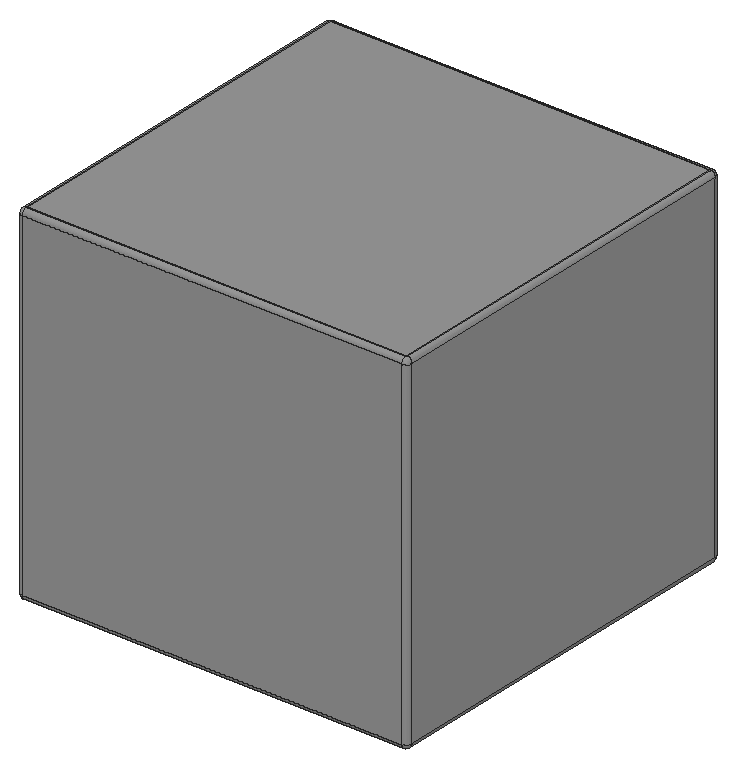
Revit family "TS1034 Elevate Wind Cube", category Generic Models, Revit 2018
Family settings
  Can host rebar = No
  Round Connector Dimension = Use Diameter
  Part Type = Normal
  Work Plane-Based = No
  Always vertical = Yes
  Cut with Voids When Loaded = No
  Shared = No
  Room Calculation Point = No
Parameters
  Fabric = TS1034 Elevate Wind Cube Fabric
Reference planes (in)
  plane 1 "Center (Front/Back)": y = 0
  plane 2: z = 0
  plane 3 "Center (Left/Right)": x = 0
Forms (in)
  Extrusion 1, solid, material "TS1034 Elevate Wind Cube Fabric" <- "Fabric"
    sketch origin (0, 0, 0) x (1, 0, 0) y (0, 1, 0)
      loop
        line (-9.75, 9.73) -> (-9.75, -9.73)
        arc (-9.75, -9.73) -> (-9.74414, -9.74414) -> (-9.73, -9.75) r 0.02
        line (-9.73, -9.75) -> (9.73, -9.75)
        arc (9.73, -9.75) -> (9.74414, -9.74414) -> (9.75, -9.73) r 0.02
        line (9.75, -9.73) -> (9.75, 9.73)
        arc (9.75, 9.73) -> (9.74414, 9.74414) -> (9.73, 9.75) r 0.02
        line (9.73, 9.75) -> (-9.73, 9.75)
        arc (-9.73, 9.75) -> (-9.74414, 9.74414) -> (-9.75, 9.73) r 0.02
    from 0 to 18
  Sweep 2, solid, material "TS1034 Elevate Wind Cube Fabric" <- "Fabric"
    path origin (0, 0, 0) x (1, 0, 0) y (0, 1, 0)
      loop
        line (-9.73, -9.75) -> (9.73, -9.75)
        arc (9.73, -9.75) -> (9.74414, -9.74414) -> (9.75, -9.73) r 0.02
        line (9.75, -9.73) -> (9.75, 9.73)
        arc (9.75, 9.73) -> (9.74414, 9.74414) -> (9.73, 9.75) r 0.02
        line (9.73, 9.75) -> (-9.73, 9.75)
        arc (-9.73, 9.75) -> (-9.74414, 9.74414) -> (-9.75, 9.73) r 0.02
        line (-9.75, 9.73) -> (-9.75, -9.73)
        arc (-9.75, -9.73) -> (-9.74414, -9.74414) -> (-9.73, -9.75) r 0.02
    profile origin (0, -9.75, 0) x (0, 1, 0) y (0, 0, 1)
      loop
        line (0, 0) -> (0, 17.99953)
        arc (0, 17.99953) -> (-0.17765, 17.91651) -> (-0.25, 17.73425) r 0.26575
        line (-0.25, 17.73425) -> (-0.25, 0.25)
        arc (-0.25, 0.25) -> (-0.17678, 0.07322) -> (0, 0) r 0.25
Dimensions and locks (in)
  aligned and locked: plane 2 to level
